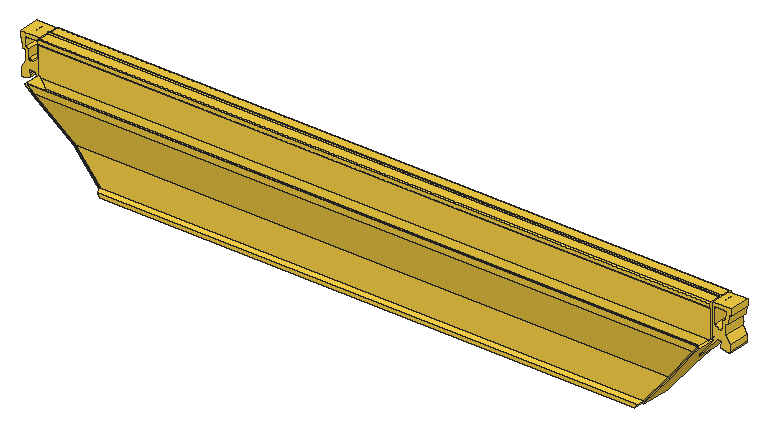
Revit family "CC4_BEAM CC 1.57_1870031", category Generic Models, Revit 2018
Family settings
  Can host rebar = No
  Round Connector Dimension = Use Diameter
  Part Type = Normal
  OmniClass Number = 35.51.14.00
  OmniClass Title = FORMWORK
  Work Plane-Based = Yes
  Always vertical = No
  Cut with Voids When Loaded = No
  Shared = Yes
  Room Calculation Point = No
Parameters
  VERSION = "20190101"  # constant formula
  URL = "www.ulmaconstruction.com/en"
  UNICLASS = ""
  ITEM_CODE = "1870031"
  Manufacturer = "ULMA CONSTRUCTION"  # constant formula
  FILTER [instance] = ""
  Default Elevation = 0.000 mm
  CLASSIFICATION_TITLE = ""
  CLASSIFICATION_NUMBER = ""
Reference planes
  plane 1 "Centro (Frontal/Posterior)": y = 0
  plane 2: z = 0
  plane 3 "Centro (Izquierda/Derecha)": x = 0
  plane 4 "ITEM_LENGTH": x = -1570
Forms (mm)
  Extrusion 1, solid, material "ULMA YELLOW", detail levels fine
    sketch origin (0, 0, 0) x (0, 1, 0) y (0, 0, 1)
      loop
        line (-24.3, -35) -> (-27.3, -36.732) -> (-27.154, -45.115) -> (-24.75, -47) -> (-24.75, -107.9) -> (-27.766, -123.628) -> (-52.5, -117) -> (-55.354, -106.348) -> (-58.219, -106.348) -> (-56.183, -121.814) -> (-32.5, -203.9) -> (-32.5, -267.5) -> (-44, -271.5) -> (-44, -278.5) -> (-29, -278.5) -> (-29, -272) -> (29, -272) -> (29, -278.5) -> (44, -278.5) -> (44, -271.5) -> (32.5, -267.5) -> (32.5, -203.9) -> (56.183, -121.814) -> (58.219, -106.348) -> (55.354, -106.348) -> (52.5, -117) -> (27.766, -123.628) -> (24.75, -107.9) -> (24.75, -47) -> (27.154, -45.115) -> (27.3, -36.732) -> (24.3, -35) -> (1.75, -35) -> (0.595, -33) -> (-0.595, -33) -> (-1.75, -35) -> (-24.3, -35)
    from -1500 to -70
  Extrusion 2, void
    sketch origin (0, 0, 0) x (1, 0, 0) y (0, 0, 1)
      loop
        line (-70, -104.6) -> (-215.919, -278.5) -> (-215.919, -283.5) -> (-65, -283.5) -> (-65, -104.6) -> (-70, -104.6)
    from -70 to 70
  Extrusion 3, void
    sketch origin (-2320, 0, 0) x (-1, 0, 0) y (0, 0, -1)
      loop
        line (-820, 104.6) -> (-815, 104.6) -> (-815, 283.5) -> (-965.919, 283.5) -> (-965.919, 278.5) -> (-820, 104.6)
    from -70 to 70
  Extrusion 4, solid, material "ULMA YELLOW", detail levels fine
    sketch origin (0, 0, 0) x (1, 0, 0) y (0, 0, 1)
      loop
        line (-70, -35) -> (-70, -105.39) -> (-67.325, -107.635) -> (-99.143, -145.554) -> (-96.1, -148.107) -> (-58.251, -103) -> (-50.936, -103)
        arc (-50.936, -103) -> (-48.72, -104.342) -> (-48.882, -106.927) r 2.5
        arc (-48.882, -106.927) -> (-50.095, -108.942) -> (-51.035, -111.098) r 18.004
        line (-51.035, -111.098) -> (-51.035, -116.25) -> (-35.471, -120.421)
        arc (-35.471, -120.421) -> (-32, -119.73) -> (-30.435, -116.557) r 4
        line (-30.435, -116.557) -> (-30.435, -103.424) -> (-40.1, -88.542) -> (-40.1, -67.984) -> (-34.1, -65.8) -> (-32.1, -48.8) -> (-28.132, -46.95) -> (-28.341, -35) -> (-70, -35)
      loop
        line (-65, -76.1) -> (-56.1, -85) -> (-51.1, -85)
        arc (-51.1, -85) -> (-48.272, -83.828) -> (-47.1, -81) r 4
        line (-47.1, -81) -> (-47.1, -63.082) -> (-40.548, -60.698) -> (-38.874, -46.467)
        arc (-38.874, -46.467) -> (-39.857, -43.342) -> (-42.846, -42) r 4
        line (-42.846, -42) -> (-61, -42)
        arc (-61, -42) -> (-63.828, -43.172) -> (-65, -46) r 4
        line (-65, -46) -> (-65, -76.1)
    from -22 to 22
  Extrusion 5, solid, material "ULMA YELLOW", detail levels fine
    sketch origin (-2320, 0, 0) x (-1, 0, 0) y (0, 0, -1)
      loop
        line (-820, 35) -> (-778.341, 35) -> (-778.132, 46.95) -> (-782.1, 48.8) -> (-784.1, 65.8) -> (-790.1, 67.984) -> (-790.1, 88.542) -> (-780.435, 103.424) -> (-780.435, 116.557)
        arc (-780.435, 116.557) -> (-782, 119.73) -> (-785.471, 120.421) r 4
        line (-785.471, 120.421) -> (-801.035, 116.25) -> (-801.035, 111.098)
        arc (-801.035, 111.098) -> (-800.095, 108.942) -> (-798.882, 106.927) r 18.004
        arc (-798.882, 106.927) -> (-798.72, 104.342) -> (-800.936, 103) r 2.5
        line (-800.936, 103) -> (-808.251, 103) -> (-846.1, 148.107) -> (-849.143, 145.554) -> (-817.325, 107.635) -> (-820, 105.39) -> (-820, 35)
      loop
        line (-815, 76.1) -> (-815, 46)
        arc (-815, 46) -> (-813.828, 43.172) -> (-811, 42) r 4
        line (-811, 42) -> (-792.846, 42)
        arc (-792.846, 42) -> (-789.857, 43.342) -> (-788.874, 46.467) r 4
        line (-788.874, 46.467) -> (-790.548, 60.698) -> (-797.1, 63.082) -> (-797.1, 81)
        arc (-797.1, 81) -> (-798.272, 83.828) -> (-801.1, 85) r 4
        line (-801.1, 85) -> (-806.1, 85) -> (-815, 76.1)
    from -22 to 22
  Extrusion 6, solid, material "ULMA YELLOW", detail levels fine
    sketch origin (-159.094, 0, -210.778) x (-0.642788, 0, -0.766044) y (0, 1, 0)
      loop
        line (-8.978, -32.5) -> (79.92, -32.5) -> (79.92, 32.5) -> (-8.978, 32.5) -> (-116.134, 56.183) -> (-138, 58.389) -> (-138, -58.389) -> (-116.134, -56.183) -> (-8.978, -32.5)
    from 0 to 4
  Extrusion 7, solid, material "ULMA YELLOW", detail levels fine
    sketch origin (-1500, 0, -104.6) x (0.642788, 0, -0.766044) y (0, -1, 0)
      loop
        line (129.627, -32.5) -> (218.525, -32.5) -> (218.525, 32.5) -> (129.627, 32.5) -> (22.471, 56.183) -> (0.605, 58.389) -> (0.605, -58.389) -> (22.471, -56.183) -> (129.627, -32.5)
    from 0 to 4
  Extrusion 8, solid, material "ULMA YELLOW", detail levels medium
    sketch origin (0, 0, 0) x (1, 0, 0) y (0, 1, 0)
      loop
        line (-1502.675, 58.389) -> (-1502.675, -58.389) -> (-67.325, -58.389) -> (-67.325, 58.389) -> (-1502.675, 58.389)
    from -278.5 to -35
  Extrusion 9, solid, material "ULMA YELLOW", detail levels medium
    sketch origin (0, 0, 0) x (1, 0, 0) y (0, 0, 1)
      loop
        line (-1502.675, -104.6) -> (-1502.675, -35) -> (-1535, -35) -> (-1535, -104.6) -> (-1502.675, -104.6)
    from -22 to 22
  Extrusion 10, solid, material "ULMA YELLOW", detail levels medium
    sketch origin (-2320, 0, 0) x (-1, 0, 0) y (0, 0, -1)
      loop
        line (-2252.675, 104.6) -> (-2285, 104.6) -> (-2285, 35) -> (-2252.675, 35) -> (-2252.675, 104.6)
    from -22 to 22
Cuts and joins
  Extrusion 2, Extrusion 3 cuts Extrusion 1
  Extrusion 2, Extrusion 3 cuts Extrusion 8
Lines and regions (mm)
  model lines, style "ULMA BEAM CC", detail levels coarse
    curve 1: line (-1480, 0, 0) -> (-90, 0, 0)
    curve 2: line (-1050, 58, 0) -> (-900, 58, 0)
    curve 3: line (-1050, -58, 0) -> (-900, -58, 0)
    curve 4: line (-670, 58, 0) -> (-520, 58, 0)
    curve 5: line (-670, -58, 0) -> (-520, -58, 0)
Dimensions and locks
  Extrusion 3 sketch curve to Extrusion 3 sketch curve = 150.919 mm
  locked: Extrusion 3 sketch curve to Extrusion 3 sketch curve at 5
  level to Extrusion 3 sketch curve to Extrusion 3 sketch curve = 104.600 mm locked, 178.900 mm locked
  locked: plane 3 "Centro (Izquierda/Derecha)" to plane 4 "ITEM_LENGTH" at 1570
  aligned and locked: level to plane 2
  aligned and locked: Extrusion 7 to Extrusion 5
  aligned and locked: Extrusion 9 to cut or joined group of Extrusion 2, Extrusion 3, Extrusion 8
